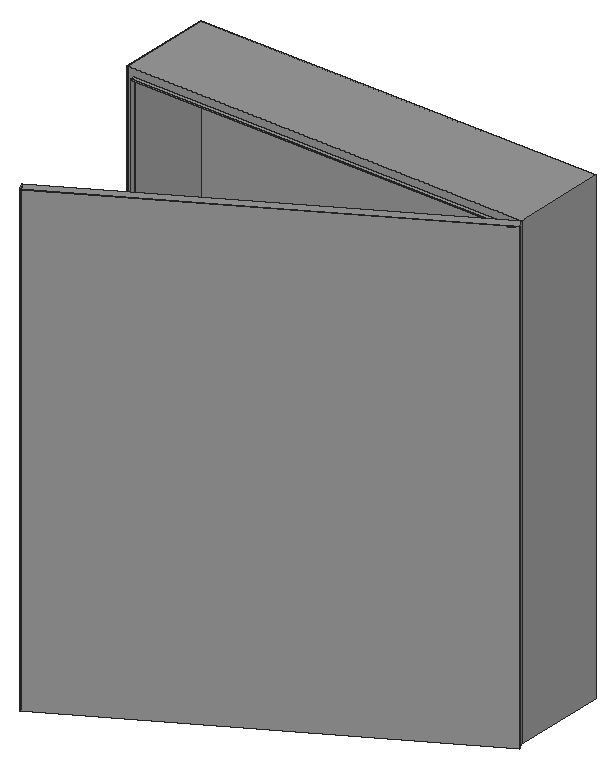
Revit family "Hager-Univers-IP54-D205-H950-Cl.I-Encl-NoHosted-AT-de", category Equipement électrique, Revit 2020
Family settings
  Configuration du panneau = Deux colonnes, circuits au sein
  Cote de connecteur circulaire = Utiliser le diamètre
  Type d'élément = Tableau de raccordement
  Basée sur le plan de construction = Oui
  Toujours verticalement = Oui
  Couper avec des vides une fois chargée = Non
  Partagée = Non
  Point de calcul de pièce = Non
Parameters (values of type "Aufputz IP54 B800 H950 T205  - FP63TW2")
  Width Control [instance] = if([EF000008 - Breite] > Min Width, [EF000008 - Breite], Min Width)  # 800 mm
  Commentaires du type = [HG000003 - Bereich]  # "Univers"
  Thickness Door [instance] = if([EF009171 - Materialstärke Tür/Deckel] > 3 mm, 3 mm, [EF009171 - Materialstärke Tür/Deckel])  # 1 mm
  Seal Frame Offset [instance] = 17 mm  # constant formula
  Plinth Visibility [instance] = [HG000027 - Sockelhöhe] > 0 mm  # no
  Min Width [instance] = 100 mm  # constant formula
  Min Depth [instance] = (2 * [EF009170 - Materialstärke Gehäuse]) + 1 mm  # 3 mm
  Min Height [instance] = 100 mm  # constant formula
  Internal Frame Depth [instance] = (Door System Depth * 0.5)  # 9 mm
  Panel Name [instance] = ""  # (empty or 0)
  Model = ""
  HG000027 - Sockelhöhe = 0 mm
  HG000026 - Stehend auf dem Boden = no
  HG000024 - Höhe des unteren Teils = 600 mm
  HG000023 - Gehäuse mit doppeltem Querschnitt = no
  HG000016 - 3D-Türsichtbarkeit [instance] = yes
  HG000015 - Sichtbarkeit der Türöffnung [instance] = no
  HG000014 - Tür rechts [instance] = yes
  HG000013 - Tür links [instance] = not([HG000014 - Tür rechts])  # no
  HG000012 - Türschwenkwinkel [instance] = 30.00°
  HG000010 - Asymmetrische Türen = no
  HG000009 - Doppelflügeligen Tür = no
  HG000006 - Unterputz = no
  HG000004 - Herstellerreferenz = "FP63TW2"
  HG000003 - Bereich = "Univers"
  HG000002 - Mit tür = yes
  Frame Offset Bottom [instance] = 10 mm  # constant formula
  Frame Offset [instance] = 15 mm  # constant formula
  EF015940 - Deckel mit Überdruckentlastung = no
  EF011959 - Schutzart (NEMA) = ""
  EF009554 - Anzahl der Öffnungen für Flanschplatten = 6
  EF009212 - Ausführung Deckel = "EV000116 - geschlossen"
  EF009171 - Materialstärke Tür/Deckel = 1 mm
  EF009170 - Materialstärke Gehäuse = 1 mm
  EF008873 - Nennstrom (In) = 250 A
  EF007800 - Geeignet für Blitzschutz = no
  EF006306 - Mit Schloss = no
  EF006244 - Transparenter Deckel/Tür = no
  EF005474 - Schutzart (IP) = "EV006419 - IP54"
  EF004464 - Art der Tür = "EV002646 - Einzel"
  EF004427 - Anzahl der Module = 216
  EF004293 - Schlagfestigkeit = "EV006815 - IK09"
  EF003532 - Geeignet für Außengebrauch = no
  EF002950 - Breite in Teilungseinheiten = 36
  EF001613 - Funktionserhalt = "EV000494 - ohne"
  EF001596 - Werkstoff des Gehäuses = "EV000179 - Stahl"
  EF001131 - Innentiefe = 130 mm
  EF001088 - Anbaumöglichkeit = yes
  EF000437 - Anzahl der Leitungseinführungen = 6
  EF000339 - Art der Abdeckung = "EV001012 - Deckel"
  EF000266 - Anzahl der Reihen = 6
  EF000218 - Einbautiefe = 205 mm
  EF000118 - Mit Montageplatte = no
  EF000116 - RAL-Nummer = "9010"
  EF000049 - Tiefe = 205 mm
  EF000040 - Höhe = 950 mm
  EF000008 - Breite = 800 mm
  EF000007 - Farbe = "EV000202 - weiß"
  EF000003 - Montageart = "EV000384 - Aufputz"
  Door System Leaf Tolerance [instance] = 1.5 mm  # constant formula
  Door System Depth [instance] = 18 mm  # constant formula
  Door Height [instance] = Height Control - [HG000027 - Sockelhöhe]  # 950 mm
  Description = ""
  Default Elevation = 1219.2 mm
  Connector Offset [instance] = Height Control / 2  # 475 mm
  Fabricant = "Hager"  # constant formula
  Height Control [instance] = if([EF000040 - Höhe] > Min Height, [EF000040 - Höhe], Min Height)  # 950 mm
  Depth Control [instance] = if([EF000049 - Tiefe] > Min Depth, [EF000049 - Tiefe], Min Depth)  # 205 mm
  Bottom Top Plate Trim [instance] = 1.5 mm  # constant formula
  Plinth height Ctrl [instance] = if([HG000027 - Sockelhöhe] > 0 mm, [HG000027 - Sockelhöhe], 12 mm)  # 12 mm
Types (3, lengths in mm): name | Width Control | HG000004 - Herstellerreferenz | EF009554 - Anzahl der Öffnungen für Flanschplatten | EF004464 - Art der Tür | EF004427 - Anzahl der Module | EF002950 - Breite in Teilungseinheiten | EF000437 - Anzahl der Leitungseinführungen | EF000008 - Breite
  Aufputz IP54 B1300 H950 T205  - FP65TW2 | 1300 | "FP65TW2" | 10 | "EV003602 - Doppel" | 360 | 60 | 10 | 1300
  Aufputz IP54 B300 H950 T205  - FP61TW2 | 300 | "FP61TW2" | 2 | "EV002646 - Einzel" | 72 | 12 | 2 | 300
  Aufputz IP54 B800 H950 T205  - FP63TW2 | 800 | "FP63TW2" | 6 | "EV002646 - Einzel" | 216 | 36 | 6 | 800
Reference planes
  plane 1 "Center (Front/Back)": y = 0
  plane 2: z = 0
  plane 3 "Center (Left/Right)": x = 0
  plane 4: y = 0
  plane 5: y = 0
  plane 6: z = 0
  plane 7: x = -400
  plane 8: x = 400
  plane 9: x = 399
  plane 10: x = -399
  plane 11: z = 0
  plane 12: z = 1
  plane 13: y = -205
  plane 14: y = -1
  plane 15: x = 0
  plane 16: y = -187
  plane 17: y = -204
  plane 18: y = -186
  plane 19: x = -384
  plane 20: x = 384
  plane 21: z = 11
  plane 22: x = -383
  plane 23: x = 383
  plane 24: z = 0
  plane 25: z = 950
  plane 26: z = 950
  plane 27: z = 934
  plane 28: z = 949
Forms (mm)
  Extrusion 1, solid, material "Hager_Steel_RAL7035_Light_Grey", detail levels medium+fine
    sketch origin (-208.679, -4572, 0) x (-1, 0, 0) y (0, -1, 0)
      loop
        line (191.321, -4385) -> (-608.679, -4385) -> (-608.679, -4572) -> (191.321, -4572) -> (191.321, -4385)
    from 0 to 950
  Extrusion 2, void
    sketch origin (-350.771, -205, 1219.2) x (1, 0, 0) y (0, 0, 1)
      loop
        line (-48.229, -270.2) -> (-48.229, -1218.2) -> (749.771, -1218.2) -> (749.771, -270.2) -> (-48.229, -270.2)
    from -19 to -204
  Extrusion 3, void
    sketch origin (-290.084, -187, 1219.2) x (1, 0, 0) y (0, 0, 1)
      loop
        line (-93.916, -1208.2) -> (674.084, -1208.2) -> (674.084, -285.2) -> (-93.916, -285.2) -> (-93.916, -1208.2)
    from 0 to -1
  Extrusion 4, solid, material "Hager_Steel_RAL7035_Light_Grey", visible <- "Plinth Visibility", detail levels medium+fine
    sketch origin (0, 0, 0) x (1, 0, 0) y (0, 1, 0)
      loop
        line (-400, 0) -> (-400, -187) -> (400, -187) -> (400, 0) -> (-400, 0)
    from 0 to 12 <- "Plinth height Ctrl"
  Extrusion 5, solid, material "Hager_Steel_RAL7035_Light_Grey", detail levels coarse
    sketch origin (0, 0, 0) x (1, 0, 0) y (0, 1, 0)
      loop
        line (-400, 0) -> (-400, -205) -> (400, -205) -> (400, 0) -> (-400, 0)
    from 0 to 950 <- "Height Control"
  Sweep 6, void
    path in 3D
      loop
        line (-400, -187, 12) -> (400, -187, 12) -> (400, 0, 12) -> (-400, 0, 12) -> (-400, -187, 12)
    profile origin (-400, -93.5, 12) x (1, 0, 0) y (0, 0, 1)
      loop
        line (0, 0) -> (0, -1.5) -> (1.5, -1.5)
        arc (1.5, -1.5) -> (1.061, -0.439) -> (0, 0) r 1.5
  Extrusion 7, solid, material "Hager_Steel_RAL7035_Light_Grey", detail levels fine
    sketch origin (-400, -187, 0) x (1, 0, 0) y (0, 0, 1)
      loop
        line (16, 11) -> (784, 11) -> (784, 934) -> (16, 934) -> (16, 11)
      loop
        line (15, 10) -> (785, 10) -> (785, 935) -> (15, 935) -> (15, 10)
    from 0 to 9 <- "Internal Frame Depth"
Cuts and joins
  Extrusion 2, Extrusion 3 cuts Extrusion 1
  Sweep 6 cuts Extrusion 4
Lines and regions (mm)
  Masking region 1
    outline origin (0, 0, 0) x (1, 0, 0) y (0, 1, 0)
      loop
        line (-400, 0) -> (-400, -205) -> (400, -205) -> (400, 0) -> (-400, 0)
  Masking region 2, detail levels coarse
    outline origin (-290.084, -187, 1219.2) x (-1, 0, 0) y (0, 0, 1)
      loop
        line (-690.084, -1219.2) -> (109.916, -1219.2) -> (109.916, -269.2) -> (-690.084, -269.2) -> (-690.084, -1219.2)
  Masking region 3, detail levels coarse
    outline origin (0, 0, 0) x (0, 1, 0) y (0, 0, 1)
      loop
        line (0, 0) -> (0, 950) -> (-205, 950) -> (-205, 0) -> (0, 0)
  Masking region 4, visible <- "Plinth Visibility", detail levels medium+fine
    outline origin (0, 0, 0) x (0, 1, 0) y (0, 0, 1)
      loop
        line (-1.5, 12) -> (-185.5, 12)
        arc (-185.5, 12) -> (-185.939, 10.939) -> (-187, 10.5) r 1.5
        line (-187, 10.5) -> (-187, 0) -> (0, 0) -> (0, 10.5)
        arc (0, 10.5) -> (-1.061, 10.939) -> (-1.5, 12) r 1.5
  Masking region 5, detail levels medium+fine
    outline origin (0, 0, 594.038) x (0, 1, 0) y (0, 0, 1)
      loop
        line (0, -594.038) -> (0, 355.962) -> (-187, 355.962) -> (-187, -594.038) -> (0, -594.038)
  Masking region 6, detail levels medium+fine
    outline origin (-359.7, -187, 1211.883) x (-1, 0, 0) y (0, 0, 1)
      loop
        line (-759.7, -1211.883) -> (40.3, -1211.883) -> (40.3, -261.883) -> (-759.7, -261.883) -> (-759.7, -1211.883)
  Masking region 7, visible <- "Plinth Visibility", detail levels medium+fine
    outline origin (-320.334, -187, 1041.368) x (-1, 0, 0) y (0, 0, 1)
      loop
        line (-720.334, -1041.368) -> (79.666, -1041.368) -> (79.666, -1030.868)
        arc (79.666, -1030.868) -> (78.606, -1030.429) -> (78.166, -1029.368) r 1.5
        line (78.166, -1029.368) -> (-718.834, -1029.368)
        arc (-718.834, -1029.368) -> (-719.273, -1030.429) -> (-720.334, -1030.868) r 1.5
        line (-720.334, -1030.868) -> (-720.334, -1041.368)
  sketch lines
    curve 1: line (-400, 0, 12) -> (-400, -187, 12)
    curve 2: line (-400, -187, 12) -> (400, -187, 12)
    curve 3: line (400, 0, 12) -> (-400, 0, 12)
    curve 4: line (400, -187, 12) -> (400, 0, 12)
Dimensions and locks
  locked: plane 1 "Center (Front/Back)" to plane 5
  "EF009170 - Materialstärke Gehäuse": plane 7 to plane 10
  "EF009170 - Materialstärke Gehäuse": plane 8 to plane 9
  equal spacing: plane 7, plane 3 "Center (Left/Right)", plane 8
  "Width Control": plane 7 to plane 8
  "Depth Control": plane 4 to plane 13
  "EF009170 - Materialstärke Gehäuse": plane 4 to plane 14
  "Height Control": plane 25 to level
  "HG000027 - Sockelhöhe": plane 11 to level
  "EF009170 - Materialstärke Gehäuse": plane 12 to plane 11
  "EF009170 - Materialstärke Gehäuse": plane 17 to plane 13
  "EF009170 - Materialstärke Gehäuse": plane 18 to plane 16
  "Frame Offset Bottom": plane 21 to plane 12
  "Frame Offset": plane 10 to plane 19
  "Frame Offset": plane 9 to plane 20
  "Door System Depth": plane 16 to plane 13
  "Seal Frame Offset": plane 7 to plane 22
  "Seal Frame Offset": plane 8 to plane 23
  "EF009170 - Materialstärke Gehäuse": plane 26 to plane 28
  "Frame Offset": plane 28 to plane 27
  "Connector Offset": plane 2 to connector elem
  "Bottom Top Plate Trim": profile plane to Sweep 6 sketch curve
  "Bottom Top Plate Trim": Sweep 6 sketch curve to Sweep 6 sketch curve
  "Plinth height Ctrl": Masking region 4 sketch curve to level
  "Plinth height Ctrl": Masking region 7 sketch curve to level
  "Thickness Door": Extrusion 7 sketch curve to Extrusion 7 sketch curve  (x4)
  "Bottom Top Plate Trim": radius of Sweep 6 sketch curve
  "Bottom Top Plate Trim": radius of Masking region 4 sketch curve  (x2)
  "Bottom Top Plate Trim": radius of Masking region 7 sketch curve  (x2)
  aligned and locked: Extrusion 2 sketch curve to plane 12
  aligned and locked: Extrusion 2 sketch curve to plane 9
  aligned and locked: Extrusion 2 sketch curve to plane 10
  aligned and locked: Extrusion 2 to plane 14
  aligned and locked: Extrusion 1 sketch curve to plane 4
  aligned and locked: plane 8 to Extrusion 1 sketch curve
  aligned and locked: plane 7 to Extrusion 1 sketch curve
  aligned and locked: Extrusion 2 to plane 18
  aligned and locked: Extrusion 3 sketch curve to plane 19
  aligned and locked: plane 20 to Extrusion 3 sketch curve
  aligned and locked: Extrusion 3 to Extrusion 2
  aligned and locked: Extrusion 3 sketch curve to plane 21
  aligned and locked: plane 3 "Center (Left/Right)" to nested 1
  aligned and locked: Extrusion 1 sketch curve to plane 16
  aligned and locked: Extrusion 4 sketch curve to cut or joined group of Extrusion 1, Extrusion 2, Extrusion 3
  aligned and locked: Masking region 1 sketch curve to plane 7
  aligned and locked: Masking region 1 sketch curve to plane 5
  aligned and locked: Masking region 1 sketch curve to plane 8
  aligned and locked: Masking region 2 sketch curve to level
  aligned and locked: level to Masking region 3 sketch curve
  aligned and locked: plane 1 "Center (Front/Back)" to Masking region 3 sketch curve
  aligned and locked: plane 13 to Masking region 3 sketch curve
  aligned and locked: plane 5 to Masking region 4 sketch curve
  aligned and locked: Masking region 2 sketch curve to plane 8
  aligned and locked: Masking region 2 sketch curve to plane 7
  aligned and locked: plane 7 to nested 2
  aligned and locked: nested 2 to plane 5
  aligned and locked: plane 5 to Masking region 5 sketch curve
  aligned and locked: plane 26 to Masking region 5 sketch curve
  aligned and locked: Extrusion 5 sketch curve to plane 8
  aligned and locked: Extrusion 5 sketch curve to plane 7
  aligned and locked: Extrusion 5 sketch curve to plane 5
  aligned and locked: Extrusion 3 sketch curve to plane 27
  aligned and locked: Extrusion 2 sketch curve to plane 28
  aligned and locked: Masking region 2 to plane 25
  aligned and locked: Extrusion 4 to plane 16
  aligned and locked: profile plane to Sweep 6 sketch curve
  aligned and locked: Masking region 5 sketch curve to plane 24
  aligned and locked: level to Masking region 4 sketch curve
  aligned and locked: Masking region 1 to plane 13
  aligned and locked: nested 1 to plane 16
  aligned and locked: Masking region 3 to plane 25
  aligned and locked: plane 16 to Masking region 4 sketch curve
  aligned and locked: Masking region 5 sketch curve to plane 16
  aligned and locked: plane 24 to plane 11
  aligned and locked: plane 26 to plane 25
  aligned and locked: plane 26 to cut or joined group of Extrusion 1, Extrusion 2, Extrusion 3
  aligned and locked: nested 1 to plane 24
  aligned and locked: Extrusion 1 to Extrusion 3
  aligned and locked: Masking region 6 sketch curve to plane 8
  aligned and locked: Masking region 6 sketch curve to plane 24
  aligned and locked: Masking region 6 sketch curve to plane 7
  aligned and locked: Masking region 6 sketch curve to plane 26
  aligned and locked: Masking region 7 sketch curve to plane 7
  aligned and locked: level to Masking region 7 sketch curve
  aligned and locked: Masking region 7 sketch curve to plane 8
  aligned and locked: Extrusion 7 sketch curve to cut or joined group of Extrusion 1, Extrusion 2, Extrusion 3  (x4)
Automatic sketch dimensions
  plane 19 to Extrusion 3 sketch curve = 0 mm
  Extrusion 3 sketch curve to plane 20 = 0 mm
  Extrusion 3 sketch curve to plane 21 = 0 mm
  Extrusion 4 sketch curve to plane 7 = 0 mm
  Extrusion 4 sketch curve to plane 8 = 0 mm
  Extrusion 4 sketch curve to plane 16 = 0 mm
  Masking region 1 sketch curve to plane 13 = 0 mm
  Masking region 2 sketch curve to plane 25 = 0 mm
  Masking region 3 sketch curve to plane 25 = 0 mm
  Extrusion 5 sketch curve to plane 13 = 0 mm
  profile plane to Sweep 6 sketch curve = 0 mm
Nested families
  nested 1: "EC000058_Univers_Door" at (0, -187, 0), Double <- "HG000009 - Doppelflügeligen Tür", Transparent <- "EF006244 - Transparenter Deckel/Tür", Angle <- "HG000012 - Türschwenkwinkel", Door_Right <- "HG000014 - Tür rechts", Assymetrical <- "HG000010 - Asymmetrische Türen", Door <- "HG000002 - Mit tür", Width_Ctrl <- "Width Control", 3d_Door <- "HG000016 - 3D-Türsichtbarkeit", Clearance <- "HG000015 - Sichtbarkeit der Türöffnung", Door_Left <- "HG000013 - Tür links", Width <- "Width Control", Door_Depth <- "Door System Depth", Leaf_Tolerance <- "Door System Leaf Tolerance", Height <- "Door Height", Lock_Visibility <- "EF006306 - Mit Schloss", Thickness <- "Thickness Door", type "EC000058_Univers_Door", detail levels medium+fine
    with min_wh 3 mm, Width_Ctrl 800 mm, Width 800 mm, Transparent no, Thickness 1 mm, Seal_Material Hager_Rubber, Lock_Visibility no, Lock_Material Hager_Plastic_RAL9005_Jet_Black, Leaf_Width 800 mm, Leaf_Tolerance_External_Sides 0 mm, Leaf_Tolerance 1.5 mm, Leaf_Offset 0 mm, Leaf_Height 947 mm, Leaf_2_Width 800 mm, Leaf_2_Offset 400 mm, Leaf_1_Width 800 mm, Leaf_1_Offset 400 mm, Height_Ctrl 950 mm, Height 950 mm, Glass_Material Hager_Glass, Double_Clearance_Ctrl no, Double no, Door_Right_Ctrl yes, Door_Right yes, Door_Material Hager_Steel_RAL7035_Light_Grey, Door_Left_Ctrl no, Door_Left no, Door_Depth 18 mm, Door yes, Clearance_Material Hager_Clearance, Clearance_Depth 800 mm, Clearance_Ctrl no, Clearance no, Assymetrical no, Angle 30.00°, 3d_Door yes
  nested 2: "Hager_Enclosure_Symbol" at (-400, 0, 0), Height <- "Depth Control", Width <- "Width Control", type "Hager_Enclosure_Symbol"
    with Width_Ctrl 800 mm, Width 800 mm, Height_Ctrl 205 mm, Height 205 mm, A_Width_Int 13.453 mm, A_Width 161.438 mm, A_Height_Ctrl 179.375 mm, A_Height 179.375 mm
Connectors
  electrical at (0, 0, 475)
    settings: on plane 1 "Center (Front/Back)", index 1, voltage 0 V, apparent load 0 VA, apparent load phase1 0 VA, apparent load phase2 0 VA, apparent load phase3 0 VA, power factor 1, load classification "Other", number of poles 1, system type 30, power factor state 1, is connector primary yes, connector utility no, sub classification motor no, connector description ""
Definition of nested family "EC000058_Univers_Door"
  Parameters (values of type "EC000058_Univers_Door")
    min_wh [instance] = (2 * Thickness) + 1 mm  # 11 mm
    Width_Ctrl [instance] = 400 mm
    Width [instance] = 500 mm
    Transparent [instance] = yes
    Thickness [instance] = 5 mm
    Seal_Material [instance] = none
    Lock_Visibility [instance] = yes
    Lock_Material [instance] = none
    Leaf_Width [instance] = if((Width_Ctrl - 2 * Leaf_Tolerance_External_Sides) > 0 mm, (Width_Ctrl - 2 * Leaf_Tolerance_External_Sides), min_wh)  # 400 mm
    Leaf_Tolerance_External_Sides [instance] = 0 mm  # constant formula
    Leaf_Tolerance [instance] = 1.5 mm
    Leaf_Offset [instance] = 0 mm  # constant formula
    Leaf_Height [instance] = if((Height_Ctrl - 2 * Leaf_Tolerance) > 0 mm, (Height_Ctrl - 2 * Leaf_Tolerance), min_wh)  # 497 mm
    Leaf_2_Width [instance] = if(and(and(Double, Assymetrical), Door_Left), (Leaf_Width / 3) - (Leaf_Tolerance / 2), if(and(and(Double, Assymetrical), Door_Right), (Leaf_Width / 3) * 2 - (Leaf_Tolerance / 2), if(and(Double, not(Assymetrical)), (Leaf_Width / 2) - Leaf_Tolerance, Leaf_Width)))  # 400 mm
    Leaf_2_Offset [instance] = if(and(Double, Assymetrical), Leaf_2_Width / 2, if(and(Double, not(Assymetrical)), Leaf_Width / 4, Leaf_Width / 2))  # 200 mm
    Leaf_1_Width [instance] = if(and(and(Double, Assymetrical), Door_Right), (Leaf_Width / 3) - (Leaf_Tolerance / 2), if(and(and(Double, Assymetrical), Door_Left), (Width / 3) * 2 - (Leaf_Tolerance / 2), if(and(Double, not(Assymetrical)), (Leaf_Width / 2) - Leaf_Tolerance, Leaf_Width)))  # 400 mm
    Leaf_1_Offset [instance] = if(and(Double, Assymetrical), Leaf_1_Width / 2, if(and(Double, not(Assymetrical)), Leaf_Width / 4, Leaf_Width / 2))  # 200 mm
    Height_Ctrl [instance] = if(Height > min_wh, Height, min_wh)  # 500 mm
    Height [instance] = 500 mm
    Glass_Material [instance] = none
    Double_Clearance_Ctrl [instance] = and(Double, Clearance)  # no
    Double [instance] = no
    Door_Right_Ctrl [instance] = and(or(Door_Right, Double), Door)  # yes
    Door_Right [instance] = yes
    Door_Material [instance] = none
    Door_Left_Ctrl [instance] = and(or(Door_Left, Double), Door)  # no
    Door_Left [instance] = no
    Door_Depth [instance] = 30 mm
    Door [instance] = yes
    Default Elevation = 1219.2 mm
    Clearance_Material [instance] = none
    Clearance_Depth [instance] = if(Leaf_1_Width > Leaf_2_Width, Leaf_1_Width, Leaf_2_Width)  # 400 mm
    Clearance_Ctrl [instance] = and(not(Double), Clearance)  # yes
    Clearance [instance] = yes
    Assymetrical [instance] = yes
    Angle [instance] = 30.00°
    3d_Door [instance] = yes
  Reference planes
    plane 1 "Center (Front/Back)": y = 0
    plane 2 "Bottom": z = 0
    plane 3 "Center (Left/Right)": x = 0
    plane 4: z = 500
    plane 5: x = -200
    plane 6: x = 200
    plane 7: z = 500
    plane 8: x = -200
    plane 9: z = 0
    plane 10: x = 200
    plane 11: y = 0
    plane 12: z = 1.5
    plane 13: x = -600
    plane 14: y = -400
    plane 15: x = 600
    plane 16: x = 0
    plane 17: x = 0
    plane 18: x = -200
    plane 19: x = 200
    plane 20: z = 498.5
  Forms (mm)
    Extrusion 1, solid, material <- "Clearance_Material", visible <- "Double_Clearance_Ctrl"
      sketch origin (1200, 0, 0) x (1, 0, 0) y (0, 0, -1)
        loop
          line (-1800, -498.5) -> (-600, -498.5) -> (-600, 0) -> (-1800, 0) -> (-1800, -498.5)
      from 0 to -400
  Dimensions and locks
    equal spacing: plane 5, plane 3 "Center (Left/Right)", plane 6
    "Width_Ctrl": plane 5 to plane 6
    "Leaf_Offset": plane 5 to plane 8
    "Leaf_Offset": plane 6 to plane 10
    "Leaf_Offset": plane 9 to level
    "Leaf_Offset": plane 4 to plane 7
    "Height_Ctrl": plane 4 to level
    "Leaf_Tolerance": plane 12 to plane 9
    locked: plane 11 to plane 1 "Center (Front/Back)"
    "Leaf_1_Offset": plane 18 to plane 16
    "Leaf_2_Offset": plane 17 to plane 19
    "Leaf_1_Width": plane 13 to plane 8
    "Leaf_2_Width": plane 10 to plane 15
    "Clearance_Depth": plane 14 to plane 1 "Center (Front/Back)"
    "Leaf_Tolerance_External_Sides": plane 8 to plane 18
    "Leaf_Tolerance_External_Sides": plane 19 to plane 10
    "Leaf_Tolerance": plane 7 to plane 20
    aligned and locked: level to plane 2 "Bottom"
    aligned and locked: nested 1 to plane 16
    aligned and locked: nested 2 to plane 17
    aligned and locked: Extrusion 1 to plane 13
    aligned and locked: plane 15 to Extrusion 1
    aligned and locked: Extrusion 1 to plane 14
    aligned and locked: plane 12 to nested 1
    aligned and locked: nested 2 to plane 12
    aligned and locked: Extrusion 1 to plane 11
    aligned and locked: plane 20 to Extrusion 1
    aligned and locked: nested 2 to plane 11
    aligned and locked: nested 1 to plane 11
  Automatic sketch dimensions
    Extrusion 1 sketch curve to level = 0 mm
    plane 5 to Extrusion 1 sketch curve = 400 mm
    plane 6 to Extrusion 1 sketch curve = 400 mm
    Extrusion 1 sketch curve to plane 4 = 1.5 mm
  Nested families
    nested 1: "EC000058_Univers_Door_Leaf" at (0, 0, 1.5), Width <- "Leaf_1_Width", visible <- "Door_Left_Ctrl", Leaf_Height <- "Leaf_Height", Angle <- "Angle", 3d_Door <- "3d_Door", Transparent <- "Transparent", Clearance Material <- "Clearance_Material", Clearance <- "Clearance_Ctrl", Door_Material <- "Door_Material", Glass_Material <- "Glass_Material", Door_Depth <- "Door_Depth", Lock_Material <- "Lock_Material", Seal_Material <- "Seal_Material", Lock_Visibility <- "Lock_Visibility", Thickness <- "Thickness", type "EC000058_Univers_Door_Leaf"
      with Width 400 mm, Transparent_Glass_Offset 30 mm, Transparent_Ctrl yes, Transparent yes, Thickness 5 mm, Standard no, Seal_Material none, Seal_D2 8 mm, Seal_D1 1 mm, Offset_Internal_Frame 10 mm, Lock_Width 20 mm, Lock_Visibility_3d yes, Lock_Visibility yes, Lock_Thickness_3 3 mm, Lock_Thickness_2 1 mm, Lock_Thickness_1 3 mm, Lock_Radius_Offset_2 16 mm, Lock_Radius_Offset_1 15 mm, Lock_Radius_2 5 mm, Lock_Radius 6 mm, Lock_Offset 5 mm, Lock_Material none, Lock_Height 80 mm, Lock_Cover_Top_Offset_2d 17 mm, Lock_Cover_Height -65 mm, Leaf_Height 497 mm, Internal_Seal_Thickness 8 mm, Internal_Seal_Depth_2 4.5 mm, Internal_Frame_Depth 25 mm, Glass_Thickness -1 mm, Glass_Offset -2 mm, Glass_Material none, Door_Material none, Door_Depth 30 mm, Clearance Material none, Clearance yes, Angle_Ctrl 30.00°, Angle 30.00°, 3d_Door yes
    nested 2: "EC000058_Univers_Door_Leaf" at (0, 0, 1.5) x (-1, 0, 0) z (0, 0, 1), Width <- "Leaf_2_Width", visible <- "Door_Right_Ctrl", Leaf_Height <- "Leaf_Height", Angle <- "Angle", 3d_Door <- "3d_Door", Transparent <- "Transparent", Clearance Material <- "Clearance_Material", Clearance <- "Clearance_Ctrl", Door_Material <- "Door_Material", Glass_Material <- "Glass_Material", Door_Depth <- "Door_Depth", Lock_Material <- "Lock_Material", Seal_Material <- "Seal_Material", Lock_Visibility <- "Lock_Visibility", Thickness <- "Thickness", type "EC000058_Univers_Door_Leaf"
      with Width 400 mm, Transparent_Glass_Offset 30 mm, Transparent_Ctrl yes, Transparent yes, Thickness 5 mm, Standard no, Seal_Material none, Seal_D2 8 mm, Seal_D1 1 mm, Offset_Internal_Frame 10 mm, Lock_Width 20 mm, Lock_Visibility_3d yes, Lock_Visibility yes, Lock_Thickness_3 3 mm, Lock_Thickness_2 1 mm, Lock_Thickness_1 3 mm, Lock_Radius_Offset_2 16 mm, Lock_Radius_Offset_1 15 mm, Lock_Radius_2 5 mm, Lock_Radius 6 mm, Lock_Offset 5 mm, Lock_Material none, Lock_Height 80 mm, Lock_Cover_Top_Offset_2d 17 mm, Lock_Cover_Height -65 mm, Leaf_Height 497 mm, Internal_Seal_Thickness 8 mm, Internal_Seal_Depth_2 4.5 mm, Internal_Frame_Depth 25 mm, Glass_Thickness -1 mm, Glass_Offset -2 mm, Glass_Material none, Door_Material none, Door_Depth 30 mm, Clearance Material none, Clearance yes, Angle_Ctrl 30.00°, Angle 30.00°, 3d_Door yes
  Definition of nested family "EC000058_Univers_Door_Leaf"
    Parameters (values of type "EC000058_Univers_Door_Leaf")
      Width [instance] = 2000 mm
      Transparent_Glass_Offset [instance] = 30 mm
      Transparent_Ctrl [instance] = and(Transparent, [3d_Door])  # yes
      Transparent [instance] = yes
      Thickness [instance] = 5 mm
      Standard [instance] = and(not(Transparent), [3d_Door])  # no
      Seal_Material [instance] = none
      Seal_D2 [instance] = 8 mm  # constant formula
      Seal_D1 [instance] = 1 mm  # constant formula
      Offset_Internal_Frame [instance] = 10 mm  # constant formula
      Lock_Width [instance] = 20 mm  # constant formula
      Lock_Visibility_3d [instance] = and(Lock_Visibility, [3d_Door])  # yes
      Lock_Visibility [instance] = yes
      Lock_Thickness_3 [instance] = 3 mm  # constant formula
      Lock_Thickness_2 [instance] = 1 mm  # constant formula
      Lock_Thickness_1 [instance] = 3 mm  # constant formula
      Lock_Radius_Offset_2 [instance] = Lock_Radius_Offset_1 + 1 mm  # 16 mm
      Lock_Radius_Offset_1 [instance] = 15 mm  # constant formula
      Lock_Radius_2 [instance] = Lock_Radius - 1 mm  # 5 mm
      Lock_Radius [instance] = 6 mm  # constant formula
      Lock_Offset [instance] = 5 mm  # constant formula
      Lock_Material [instance] = none
      Lock_Height [instance] = 80 mm  # constant formula
      Lock_Cover_Top_Offset_2d [instance] = Lock_Radius_Offset_2 + 1 mm  # 17 mm
      Lock_Cover_Height [instance] = -(Lock_Height - Lock_Radius_Offset_1)  # -65 mm
      Leaf_Height [instance] = 2720.336 mm
      Internal_Seal_Thickness [instance] = 8 mm  # constant formula
      Internal_Seal_Depth_2 [instance] = 4.5 mm  # constant formula
      Internal_Frame_Depth [instance] = if(Door_Depth - Thickness > 5 mm, Door_Depth - Thickness, 5 mm)  # 25 mm
      Glass_Thickness [instance] = if(Thickness > 15 mm, Glass_Offset + 10 mm, -1 mm)  # -1 mm
      Glass_Offset [instance] = if(Thickness > 15 mm, -(Thickness + 10 mm) / 2, -2 mm)  # -2 mm
      Glass_Material [instance] = none
      Door_Material [instance] = none
      Door_Depth [instance] = 30 mm
      Default Elevation = 0 mm
      Clearance Material [instance] = none
      Clearance [instance] = yes
      Angle_Ctrl [instance] = if(Angle > 180.00°, 180.00°, Angle)  # 90.00°
      Angle [instance] = 90.00°
      3d_Door [instance] = yes
    Reference planes
      plane 1 "Center (Front/Back)": y = 0
      plane 2: z = 0
      plane 3 "Center (Left/Right)": x = 0
      plane 4: y = 2000
      plane 5: x = -1000
      plane 6: x = 1000
      plane 7: x = -3000
      plane 8: z = 2720.336
      plane 9: z = 30
      plane 10: z = 2690.336
      plane 11: x = 970
      plane 12: x = -970
      plane 13: y = -3
      plane 14: z = 107.833
      plane 15: y = -5
      plane 16: y = -223.314
      plane 17: x = -1000
      plane 18: z = 1360.168
      plane 19: y = 30
    Forms (mm)
      Extrusion 1, solid, material <- "Clearance Material", visible <- "Clearance"
        sketch origin (0, 0, 0) x (1, 0, 0) y (0, 0, 1)
          loop
            line (-3000, 2720.336) -> (-3000, 0) -> (1000, 0) -> (1000, 2720.336) -> (-3000, 2720.336)
        from 0 to -2000
      Extrusion 2, solid, material <- "Door_Material", visible <- "Standard", detail levels medium+fine
        sketch origin (-1000, 0, 0) x (0, 1, 0) y (-1, 0, 0)
          loop
            line (0, 30) -> (0, 25) -> (2000, 25) -> (2000, 30) -> (0, 30)
        from 0 to 2720.336 <- "Leaf_Height"
      Extrusion 3, solid, material <- "Door_Material", visible <- "Transparent_Ctrl", detail levels medium+fine
        sketch origin (-1000, 0, 0) x (0, 1, 0) y (-1, 0, 0)
          loop
            line (0, 25) -> (2000, 25) -> (2000, 30) -> (0, 30) -> (0, 25)
        from 0 to 2720.336 <- "Leaf_Height"
      Extrusion 4, void
        sketch origin (-1025, 2000, 0) x (0, 1, 0) y (0, 0, -1)
          loop
            line (-30, -2690.336) -> (-30, -30) -> (-1970, -30) -> (-1970, -2690.336) -> (-30, -2690.336)
        from 0 to 5 <- "Thickness"
      Sweep 5, solid, material <- "Seal_Material", visible <- "Transparent_Ctrl", detail levels fine
        path in 3D
          loop
            line (-1025, 30, 30) -> (-1025, 30, 2690.336) -> (-1025, 1970, 2690.336) -> (-1025, 1970, 30) -> (-1025, 30, 30)
        profile origin (-1025, 1000, 30) x (1, 0, 0) y (0, 0, 1)
          loop
            line (0, 0) -> (0, -8) -> (1, -8) -> (1, 0) -> (0, 0)
      Extrusion 6, solid, material <- "Glass_Material", visible <- "Transparent_Ctrl", detail levels medium+fine
        sketch origin (-1030, 0, 0) x (0, 1, 0) y (0, 0, -1)
          loop
            line (1970, -2690.336) -> (1970, -30) -> (30, -30) -> (30, -2690.336) -> (1970, -2690.336)
        from -2 <- "Glass_Offset" to -1 <- "Glass_Thickness"
      Extrusion 7, solid, material <- "Door_Material", visible <- "3d_Door", detail levels medium+fine
        sketch origin (-1025, 2000, 0) x (0, -1, 0) y (0, 0, -1)
          loop
            line (0, -2720.336) -> (2000, -2720.336) -> (2000, 0) -> (0, 0) -> (0, -2720.336)
          loop
            line (1995, -5) -> (5, -5) -> (5, -2715.336) -> (1995, -2715.336) -> (1995, -5)
        from 0 to 25 <- "Internal_Frame_Depth"
      Sweep 8, solid, material <- "Seal_Material", visible <- "Transparent_Ctrl", detail levels fine
        path in 3D
          loop
            line (-1025, 0, 0) -> (-1025, 2000, 0) -> (-1025, 2000, 2720.336) -> (-1025, 0, 2720.336) -> (-1025, 0, 0)
        profile origin (-1025, 0, 1360.168) x (1, 0, 0) y (0, 1, 0)
          loop
            line (0, 10) -> (2.975, 10)
            arc (2.975, 10) -> (4.053, 10.447) -> (4.5, 11.525) r 1.525
            line (4.5, 11.525) -> (4.5, 16.527)
            arc (4.5, 16.527) -> (4.069, 17.569) -> (3.027, 18) r 1.473
            line (3.027, 18) -> (0, 18) -> (0, 10)
      Extrusion 9, solid, material <- "Lock_Material", visible <- "Lock_Visibility_3d", detail levels fine
        sketch origin (-1030, 0, 0) x (0, 1, 0) y (0, 0, -1)
          loop
            arc (1993.5, -1400.168) -> (1994.561, -1399.729) -> (1995, -1398.668) r 1.5
            line (1995, -1398.668) -> (1995, -1320.168) -> (1975, -1320.168) -> (1975, -1398.668)
            arc (1975, -1398.668) -> (1975.439, -1399.729) -> (1976.5, -1400.168) r 1.5
            line (1976.5, -1400.168) -> (1993.5, -1400.168)
        from 3 <- "Lock_Thickness_1" to 0
      Blend 10, solid, material <- "Lock_Material", visible <- "Lock_Visibility_3d", detail levels fine
        base sketch origin (-1033, 0, 0) x (0, 1, 0) y (0, 0, -1)
          loop
            line (1975, -1320.168) -> (1975, -1398.668)
            arc (1975, -1398.668) -> (1975.439, -1399.729) -> (1976.5, -1400.168) r 1.5
            line (1976.5, -1400.168) -> (1993.5, -1400.168)
            arc (1993.5, -1400.168) -> (1994.561, -1399.729) -> (1995, -1398.668) r 1.5
            line (1995, -1398.668) -> (1995, -1320.168) -> (1975, -1320.168)
        top sketch origin (-1033, 0, 0) x (0, 1, 0) y (0, 0, -1)
          loop
            line (1976, -1320.168) -> (1976, -1398.668)
            arc (1976, -1398.668) -> (1976.146, -1399.022) -> (1976.5, -1399.168) r 0.5
            line (1976.5, -1399.168) -> (1993.5, -1399.168)
            arc (1993.5, -1399.168) -> (1993.854, -1399.022) -> (1994, -1398.668) r 0.5
            line (1994, -1398.668) -> (1994, -1320.168) -> (1976, -1320.168)
        from 0 to 1 <- "Lock_Thickness_2"
      Blend 11, solid, material <- "Lock_Material", visible <- "Lock_Visibility_3d", detail levels fine
        base sketch origin (-1034, 0, 0) x (0, 1, 0) y (0, 0, -1)
          loop
            line (1978, -1320.168) -> (1978, -1384.168)
            arc (1978, -1384.168) -> (1985, -1391.168) -> (1992, -1384.168) r 7
            line (1992, -1384.168) -> (1992, -1320.168) -> (1978, -1320.168)
        top sketch origin (-1034, 0, 0) x (0, 1, 0) y (0, 0, -1)
          loop
            line (1991, -1320.168) -> (1979, -1320.168) -> (1979, -1383.168)
            arc (1979, -1383.168) -> (1985, -1389.168) -> (1991, -1383.168) r 6
            line (1991, -1383.168) -> (1991, -1320.168)
        from 0 to 3 <- "Lock_Thickness_3"
      Extrusion 12, solid, material <- "Lock_Material", visible <- "Lock_Visibility_3d", detail levels fine
        sketch origin (-1030, 1975, 1320.168) x (1, 0, 0) y (0, -1, 0)
          loop
            line (-7, -19) -> (-7, -1) -> (0, -1) -> (0, 0) -> (-8, 0) -> (-8, -20) -> (0, -20) -> (0, -19) -> (-7, -19)
        from 0 to -65 <- "Lock_Cover_Height"
      Extrusion 13, void
        sketch origin (-1038, 1995, 1320.168) x (-1, 0, 0) y (0, 0, -1)
          loop
            line (-5, -65) -> (0, -65) -> (-5, -60) -> (-5, -65)
        from 0 to 20 <- "Lock_Width"
      Extrusion 14, void
        sketch origin (-1038, 1975, 1320.168) x (0, -1, 0) y (0, 0, -1)
          loop
            circle (-10, -15.995) r 6
          loop
            circle (-10, -15.995) r 5
        from 0 to 2
      Extrusion 15, solid, material <- "Lock_Material", visible <- "Lock_Visibility_3d", detail levels medium
        sketch origin (-1030, 0, 0) x (0, 1, 0) y (0, 0, -1)
          loop
            arc (1993.5, -1400.168) -> (1994.561, -1399.729) -> (1995, -1398.668) r 1.5
            line (1995, -1398.668) -> (1995, -1320.168) -> (1975, -1320.168) -> (1975, -1398.668)
            arc (1975, -1398.668) -> (1975.439, -1399.729) -> (1976.5, -1400.168) r 1.5
            line (1976.5, -1400.168) -> (1993.5, -1400.168)
        from 8 to 0
    Cuts and joins
      Extrusion 4 cuts Extrusion 3
      Extrusion 13, Extrusion 14 cuts Extrusion 9
      Extrusion 14 cuts Blend 11
      Extrusion 13, Extrusion 14 cuts Extrusion 12
      joined: Extrusion 9, Blend 10, Blend 11, Extrusion 12
      Extrusion 14 cuts Extrusion 15
    Lines and regions (mm)
      Masking region 1, visible <- "Lock_Visibility", detail levels fine
        outline origin (0, 0, 0) x (0, 1, 0) y (0, 0, 1)
          loop
            line (30, 1320.168) -> (33, 1320.168) -> (33, 1400.168) -> (30, 1400.168) -> (30, 1320.168)
      Masking region 2, visible <- "Lock_Visibility", detail levels fine
        outline origin (0, 3.143, 0) x (0, 1, 0) y (0, 0, 1)
          loop
            line (29.857, 1354.168) -> (30.857, 1354.168) -> (30.857, 1366.168) -> (29.857, 1366.168) -> (29.857, 1354.168)
      Masking region 3, detail levels medium+fine
        outline origin (0, 0, 0) x (0, 1, 0) y (0, 0, 1)
          loop
            line (0, 0) -> (30, 0) -> (30, 2720.336) -> (0, 2720.336) -> (0, 0)
      Masking region 4, detail levels medium+fine
        outline origin (0, 0, 0) x (1, 0, 0) y (0, 0, 1)
          loop
            line (-1000, 2720.336) -> (-1000, 0) -> (1000, 0) -> (1000, 2720.336) -> (-1000, 2720.336)
      Masking region 5, visible <- "Lock_Visibility", detail levels fine
        outline origin (-47.116, 0, 0) x (1, 0, 0) y (0, 0, 1)
          loop
            arc (1024.616, 1399.168) -> (1023.556, 1398.729) -> (1023.116, 1397.668) r 1.5
            line (1023.116, 1397.668) -> (1023.116, 1320.168) -> (1041.116, 1320.168) -> (1041.116, 1397.668)
            arc (1041.116, 1397.668) -> (1040.677, 1398.729) -> (1039.616, 1399.168) r 1.5
            line (1039.616, 1399.168) -> (1024.616, 1399.168)
      Masking region 6, visible <- "Lock_Visibility", detail levels medium+fine
        outline origin (-25, 0, 0) x (1, 0, 0) y (0, 0, 1)
          loop
            arc (1001.5, 1400.168) -> (1000.439, 1399.729) -> (1000, 1398.668) r 1.5
            line (1000, 1398.668) -> (1000, 1320.168) -> (1020, 1320.168) -> (1020, 1398.668)
            arc (1020, 1398.668) -> (1019.561, 1399.729) -> (1018.5, 1400.168) r 1.5
            line (1018.5, 1400.168) -> (1001.5, 1400.168)
      Masking region 7, visible <- "Lock_Visibility", detail levels fine
        outline origin (-73.735, 0, 0) x (1, 0, 0) y (0, 0, 1)
          loop
            line (1051.735, 1382.168) -> (1065.735, 1382.168) -> (1065.735, 1384.168)
            arc (1065.735, 1384.168) -> (1058.735, 1391.168) -> (1051.735, 1384.168) r 7
            line (1051.735, 1384.168) -> (1051.735, 1382.168)
      Masking region 8, visible <- "Lock_Visibility", detail levels fine
        outline origin (-73.735, 0, 0) x (1, 0, 0) y (0, 0, 1)
          loop
            line (1052.735, 1382.168) -> (1064.735, 1382.168) -> (1064.735, 1383.168)
            arc (1064.735, 1383.168) -> (1058.735, 1389.168) -> (1052.735, 1383.168) r 6
            line (1052.735, 1383.168) -> (1052.735, 1382.168)
      Masking region 9, visible <- "Lock_Visibility", detail levels fine
        outline origin (-25, 0, 0) x (1, 0, 0) y (0, 0, 1)
          loop
            line (1020, 1320.168) -> (1020, 1382.168) -> (1000, 1382.168) -> (1000, 1320.168) -> (1020, 1320.168)
      Masking region 10, detail levels medium+fine
        outline origin (0, 0, 0) x (1, 0, 0) y (0, 0, 1)
          loop
            circle (985, 1335.144) r 6
      Masking region 11, detail levels fine
        outline origin (0, 0, 0) x (1, 0, 0) y (0, 0, 1)
          loop
            circle (985, 1335.144) r 5
      Masking region 12, visible <- "Lock_Visibility", detail levels fine
        outline origin (0, 12.767, 0) x (0, 1, 0) y (0, 0, 1)
          loop
            line (20.233, 1320.168) -> (21.233, 1320.168) -> (21.233, 1399.168) -> (20.233, 1400.168) -> (20.233, 1320.168)
      Masking region 13, visible <- "Lock_Visibility", detail levels fine
        outline origin (0, 13.767, -10) x (0, 1, 0) y (0, 0, 1)
          loop
            line (20.233, 1330.168) -> (23.233, 1330.168) -> (23.233, 1399.168) -> (20.233, 1402.168) -> (20.233, 1330.168)
      Masking region 14, visible <- "Lock_Visibility", detail levels fine
        outline origin (0, 12.767, -10) x (0, 1, 0) y (0, 0, 1)
          loop
            line (20.233, 1330.168) -> (25.233, 1330.168) -> (25.233, 1399.305) -> (20.233, 1394.305) -> (20.233, 1330.168)
      Masking region 15, visible <- "Lock_Visibility", detail levels medium
        outline origin (0, 0, 0) x (0, 1, 0) y (0, 0, 1)
          loop
            line (30, 1320.168) -> (38, 1320.168) -> (38, 1400.168) -> (30, 1400.168) -> (30, 1320.168)
      Masking region 16, visible <- "Lock_Visibility", detail levels fine
        outline origin (-1000, 0, 0) x (0, 1, 0) y (-1, 0, 0)
          loop
            line (1975, 30) -> (1995, 30) -> (1995, 38) -> (1975, 38) -> (1975, 30)
          loop
            line (1979, 37) -> (1976, 37) -> (1976, 34) -> (1978, 34) -> (1979, 37)
          loop
            line (1994, 37) -> (1991, 37) -> (1992, 34) -> (1994, 34) -> (1994, 37)
      Masking region 17, visible <- "Lock_Visibility", detail levels medium
        outline origin (-1000, 0, 0) x (0, 1, 0) y (-1, 0, 0)
          loop
            line (1975, 30) -> (1995, 30) -> (1995, 38) -> (1975, 38) -> (1975, 30)
      symbolic lines
        curve 1: line (1000, 0, 0) -> (-3000, 0, 0)
        curve 2: arc (1000, 0, 0) -> (-1000, 2000, 0) -> (-3000, 0, 0) r 2000
        curve 4: line (-1030, 0, 0) -> (-1030, 2000, 0)
      reference lines
        curve 3: line (-1000, 0, 0) -> (-1000, 2000, 0)
      symbolic lines, detail levels medium+fine
        curve 5: line (-1030, 2000, 0) -> (-1025, 2000, 0)
        curve 7: line (-1025, 0, 0) -> (-1030, 0, 0)
        curve 8: line (-1025, 0, 0) -> (-1000, 0, 0)
        curve 9: line (-1000, 0, 0) -> (-1000, 2000, 0)
        curve 10: line (-1000, 2000, 0) -> (-1025, 2000, 0)
      symbolic lines, detail levels fine
        curve 6: line (-1025, 2000, 0) -> (-1025, 0, 0)
      sketch lines
        curve 11: line (-1025, 0, 2720.336) -> (-1025, 0, 0)
        curve 12: line (-1025, 2000, 0) -> (-1025, 0, 0)
        curve 13: line (-1025, 2000, 2720.336) -> (-1025, 2000, 0)
        curve 14: line (-1025, 0, 2720.336) -> (-1025, 2000, 2720.336)
        curve 15: line (-1025, 1970, 30) -> (-1025, 30, 30)
        curve 16: line (-1025, 30, 30) -> (-1025, 30, 2690.336)
        curve 17: line (-1025, 1970, 2690.336) -> (-1025, 1970, 30)
        curve 18: line (-1025, 30, 2690.336) -> (-1025, 1970, 2690.336)
      symbolic lines, visible <- "Transparent", detail levels medium+fine
        curve 19: line (-970, 0, 2690.336) -> (970, 0, 2690.336)
        curve 20: line (-970, 0, 30) -> (-970, 0, 2690.336)
        curve 21: line (970, 0, 30) -> (-970, 0, 30)
        curve 22: line (970, 0, 2690.336) -> (970, 0, 30)
    Dimensions and locks
      "Width": plane 1 "Center (Front/Back)" to plane 4
      equal spacing: plane 5, plane 3 "Center (Left/Right)", plane 6
      "Width": plane 5 to plane 6
      "Width": plane 7 to plane 5
      "Leaf_Height": plane 8 to level
      "Width": curve 5 to curve 3
      "Width": curve 3 to curve 3
      plane 8 to plane 10 = 30 mm
      plane 9 to level = 30 mm
      plane 12 to plane 5 = 30 mm
      plane 6 to plane 11 = 30 mm
      Extrusion 1 to Extrusion 4 sketch curve = 30 mm
      "Transparent_Glass_Offset": curve 3 to Extrusion 4 sketch curve
      "Transparent_Glass_Offset": Extrusion 4 sketch curve to cut or joined group of Extrusion 3, Extrusion 4  (x2)
      cut or joined group of Extrusion 3, Extrusion 4 to Extrusion 6 sketch curve = 30 mm
      "Transparent_Glass_Offset": cut or joined group of Extrusion 3, Extrusion 4 to Extrusion 4 sketch curve
      "Thickness": curve 6 to curve 4
      "Thickness": Extrusion 7 sketch curve to Extrusion 7 sketch curve  (x4)
      "Door_Depth": curve 4 to curve 3
      "Offset_Internal_Frame": profile plane to Sweep 8 sketch curve
      "Internal_Seal_Thickness": Sweep 8 sketch curve to Sweep 8 sketch curve
      "Internal_Seal_Depth_2": profile plane to Sweep 8 sketch curve
      "Seal_D1": profile plane to Sweep 5 sketch curve
      "Seal_D2": profile plane to Sweep 5 sketch curve
      "Thickness": Extrusion 2 sketch curve to Extrusion 2 sketch curve
      equal spacing: Extrusion 9 sketch curve, plane 18, Extrusion 9 sketch curve  (x2)
      equal spacing: Masking region 1 sketch curve, plane 18, Masking region 1 sketch curve
      "Lock_Height": Masking region 1 sketch curve to Masking region 1 sketch curve
      "Lock_Radius": Masking region 2 sketch curve to plane 18 to Masking region 2 sketch curve
      Masking region 2 sketch curve to Masking region 1 = 1 mm
      "Door_Depth": plane 19 to plane 1 "Center (Front/Back)"
      "Lock_Thickness_1": Masking region 1 sketch curve to plane 19
      "Lock_Width": Extrusion 9 sketch curve to Extrusion 9 sketch curve
      "Lock_Height": Extrusion 9 sketch curve to Extrusion 9 sketch curve
      "Lock_Offset": cut or joined group of Extrusion 3, Extrusion 4 to Extrusion 9 sketch curve
      equal spacing: plane 8, plane 18, level
      "Lock_Radius_Offset_1": Blend 11 sketch curve to Blend 10
      locked: Blend 10 to Blend 11 sketch curve at 2  (x2)
      locked: var sketch to Blend 11 sketch curve at 1  (x2)
      "Lock_Radius_Offset_2": Blend 11 sketch curve to Blend 10
      locked: Extrusion 12 sketch curve to Extrusion 12 sketch curve at 1  (x3)
      Masking region 6 sketch curve to Masking region 6 sketch curve = 80 mm
      "Lock_Height": Masking region 6 sketch curve to Masking region 6 sketch curve
      "Lock_Width": Masking region 6 sketch curve to Masking region 6 sketch curve
      locked: Masking region 6 to Masking region 5 sketch curve at 1  (x3)
      locked: Masking region 5 to Masking region 7 sketch curve at 2  (x2)
      "Lock_Radius_Offset_1": Masking region 5 to Masking region 7 sketch curve
      "Lock_Radius_Offset_2": Masking region 5 to Masking region 8 sketch curve
      locked: Masking region 7 to Masking region 8 sketch curve at 1  (x2)
      "Lock_Cover_Top_Offset_2d": Masking region 5 to Masking region 9 sketch curve
      equal spacing: Masking region 9, Masking region 10 sketch curve, Masking region 9
      equal spacing: Masking region 9, Masking region 11 sketch curve, Masking region 9
      Extrusion 15 sketch curve to Extrusion 15 sketch curve = 80 mm
      "Lock_Width": Extrusion 15 sketch curve to Extrusion 15 sketch curve
      "Lock_Height": Extrusion 15 sketch curve to Extrusion 15 sketch curve
      equal spacing: Extrusion 15 sketch curve, plane 18, Extrusion 15 sketch curve
      "Lock_Thickness_3": Masking region 13 sketch curve to Masking region 13 sketch curve
      "Lock_Height": Masking region 12 sketch curve to Masking region 12 sketch curve
      locked: Masking region 13 sketch curve to Masking region 1 at 8
      locked: Masking region 14 sketch curve to Masking region 13 at 1
      locked: Masking region 14 sketch curve to Masking region 1 at 10.863
      "Lock_Height": Masking region 15 sketch curve to Masking region 15 sketch curve
      "Lock_Offset": Extrusion 15 sketch curve to cut or joined group of Extrusion 3, Extrusion 4
      "Lock_Offset": plane 6 to Masking region 6 sketch curve
      radius of Sweep 8 sketch curve = 1.525 mm
      radius of Sweep 8 sketch curve = 1.473 mm
      radius of Extrusion 9 sketch curve = 1.5 mm  (x2)
      "Lock_Radius": radius of Extrusion 14 sketch curve
      "Lock_Radius_2": radius of Extrusion 14 sketch curve
      "Lock_Radius": radius of Masking region 10 sketch curve
      "Lock_Radius_2": radius of Masking region 11 sketch curve
      radius of Extrusion 15 sketch curve = 1.5 mm  (x2)
      "Angle_Ctrl": angle plane 1 "Center (Front/Back)" to curve 3
      locked: Masking region 12 sketch curve to Masking region 12 sketch curve (angle 45.00°)
      locked: Masking region 13 sketch curve to Masking region 13 sketch curve (angle 45.00°)
      locked: Masking region 14 sketch curve to Masking region 14 sketch curve (angle 45.00°)
      aligned and locked: level to plane 2
      aligned and locked: Extrusion 1 to curve 1
      aligned and locked: plane 6 to Extrusion 1
      aligned and locked: Extrusion 1 to plane 1 "Center (Front/Back)"
      aligned and locked: plane 4 to Extrusion 1
      aligned and locked: plane 8 to Extrusion 1
      aligned and locked: curve 7 to Extrusion 2 sketch curve
      aligned and locked: curve 5 to Extrusion 2 sketch curve
      aligned and locked: curve 7 to Extrusion 3 sketch curve
      aligned and locked: Extrusion 3 sketch curve to curve 4
      aligned and locked: Extrusion 3 sketch curve to curve 6
      aligned and locked: Extrusion 3 sketch curve to curve 5
      aligned and locked: curve 9 to curve 3
      aligned and locked: Extrusion 7 sketch curve to cut or joined group of Extrusion 3, Extrusion 4  (x4)
      aligned and locked: plane 17 to curve 3
      aligned and locked: plane 1 "Center (Front/Back)" to curve 3
      aligned and locked: plane 17 to plane 5
      aligned and locked: Sweep 8 sketch curve to profile plane
      aligned and locked: Sweep 5 sketch curve to profile plane  (x2)
      aligned and locked: Masking region 1 to Masking region 2 sketch curve
      aligned and locked: plane 19 to Masking region 1 sketch curve
      aligned and locked: plane 1 "Center (Front/Back)" to Masking region 3 sketch curve
      aligned and locked: plane 19 to Masking region 3 sketch curve
      aligned and locked: level to Masking region 3 sketch curve
      aligned and locked: Masking region 3 sketch curve to plane 8
      aligned and locked: plane 17 to Masking region 4 sketch curve
      aligned and locked: level to Masking region 4 sketch curve
      aligned and locked: Masking region 4 sketch curve to plane 8
      aligned and locked: plane 12 to curve 20
      aligned and locked: plane 10 to curve 19
      aligned and locked: plane 11 to curve 22
      aligned and locked: curve 21 to plane 9
      aligned and locked: Extrusion 2 sketch curve to cut or joined group of Extrusion 3, Extrusion 4
      aligned and locked: Blend 10 sketch curve to Extrusion 9  (x4)
      aligned and locked: Extrusion 9 to Blend 10 sketch curve
      aligned and locked: Blend 10 to Blend 11 sketch curve
      aligned and locked: Extrusion 12 sketch curve to Blend 11
      aligned and locked: Extrusion 12 sketch curve to Extrusion 9  (x4)
      aligned and locked: Masking region 5 sketch curve to Masking region 6
      aligned and locked: Masking region 9 sketch curve to Masking region 6  (x3)
      aligned and locked: Masking region 12 sketch curve to Masking region 1
      aligned and locked: Masking region 13 sketch curve to Masking region 1
      aligned and locked: Masking region 12 to Masking region 14
      aligned and locked: Masking region 14 sketch curve to Masking region 1
      aligned and locked: Masking region 15 sketch curve to Masking region 14
      aligned and locked: Masking region 13 sketch curve to Masking region 12
      aligned and locked: Masking region 16 sketch curve to cut or joined group of Extrusion 14, Extrusion 15  (x4)
      aligned and locked: Masking region 16 sketch curve to cut or joined group of Extrusion 9, Blend 10, Blend 11, Extrusion 12, Extrusion 13, Extrusion 14  (x6)
      aligned and locked: cut or joined group of Extrusion 9, Blend 10, Blend 11, Extrusion 12, Extrusion 13, Extrusion 14 to Masking region 16 sketch curve
      aligned and locked: Masking region 17 sketch curve to cut or joined group of Extrusion 14, Extrusion 15  (x3)
      aligned and locked: Masking region 17 sketch curve to cut or joined group of Extrusion 9, Blend 10, Blend 11, Extrusion 12, Extrusion 13, Extrusion 14
      aligned and locked: Masking region 9 to Masking region 8 sketch curve
      aligned and locked: Masking region 9 to Masking region 7 sketch curve
    Automatic sketch dimensions
      plane 1 "Center (Front/Back)" to curve 2 = 0 mm
      curve 2 to plane 5 = 0 mm
      Extrusion 1 sketch curve to level = 0 mm
      Extrusion 1 sketch curve to plane 7 = 0 mm
      Extrusion 1 sketch curve to plane 6 = 0 mm
      Extrusion 1 sketch curve to plane 8 = 0 mm
      Extrusion 3 to Extrusion 6 sketch curve = 30 mm  (x4)
      Masking region 4 sketch curve to plane 6 = 0 mm
      Blend 10 sketch curve to Extrusion 9 = 1.5 mm
      Blend 10 sketch curve to Extrusion 9 = 1 mm
      Extrusion 13 sketch curve to Extrusion 12 = 0 mm  (x2)
      Extrusion 12 to Extrusion 13 sketch curve = 3 mm
      Extrusion 13 sketch curve to Extrusion 12 = 5 mm
      Extrusion 14 sketch curve to Extrusion 14 sketch curve = 0 mm  (x2)
      Extrusion 14 sketch curve to Extrusion 12 = 10 mm
      Extrusion 14 sketch curve to Extrusion 12 = 15.995 mm
      Masking region 5 sketch curve to Masking region 5 sketch curve = 1.5 mm  (x2)
      Masking region 10 sketch curve to plane 18 = 25.024 mm
      Masking region 11 sketch curve to plane 18 = 25.024 mm
      plane 19 to Masking region 14 sketch curve = 3 mm
      Masking region 16 sketch curve to Masking region 16 sketch curve = 3 mm
      curve 4 to curve 3 = 0 mm
      Blend 10 to Blend 11 sketch curve = 0 mm
      Masking region 6 sketch curve to Masking region 6 sketch curve = 1.5 mm  (x2)
      Masking region 6 sketch curve to plane 18 = 40 mm
      plane 19 to Masking region 12 sketch curve = 3 mm
      Masking region 12 sketch curve to Masking region 12 sketch curve = 1 mm
      Masking region 15 sketch curve to plane 19 = 0 mm
      Masking region 15 sketch curve to plane 18 = 40 mm
      radius of Blend 10 sketch curve to Extrusion 9 = 1 mm
Definition of nested family "Hager_Enclosure_Symbol"
  Parameters (values of type "Hager_Enclosure_Symbol")
    Width_Ctrl [instance] = if(Width > 1 mm, Width, 1 mm)  # 102.27 mm
    Width [instance] = 102.27 mm
    Height_Ctrl [instance] = if(Height > 1 mm, Height, 1 mm)  # 66.5 mm
    A_Width_Int [instance] = if(A_Width / 12 > 2 mm, A_Width / 12, 2 mm)  # 4.364 mm
    A_Width [instance] = if(A_Height_Ctrl * 0.9 > 2 mm, A_Height_Ctrl * 0.9, 2 mm)  # 52.369 mm
    A_Height_Ctrl [instance] = if(A_Height > 2 mm, A_Height, 2 mm)  # 58.188 mm
    Height [instance] = 66.5 mm
    A_Height [instance] = Height - (Height / 8)  # 58.188 mm
  Reference planes
    plane 1 "Centre (avant/arrière)": y = 0
    plane 2: z = 0
    plane 3 "Centre (gauche/droite)": x = 0
    plane 4: x = 52.369
    plane 5: y = 33.042
    plane 6: y = 41.77
    plane 7: y = 66.5
    plane 8: x = 26.184
    plane 9: y = 37.406
    plane 10: x = 102.27
    plane 11: y = 66.5
    plane 12: y = 8.313
  Lines and regions (mm)
    Filled region 1, type "Solid_Black", in view "Niveau de réf."
      outline origin (0, 0, 0) x (1, 0, 0) y (0, 1, 0)
        loop
          line (52.369, 66.5) -> (33.188, 54.536) -> (45.365, 45.006) -> (52.369, 66.5)
    Filled region 2, type "Solid_Black", in view "Niveau de réf."
      outline origin (0, 0, 0) x (1, 0, 0) y (0, 1, 0)
        loop
          line (0, 0) -> (102.27, 0) -> (102.27, 66.5) -> (0, 0)
    detail lines, in view "Niveau de réf."
      curve 1: line (0, 8.313, 0) -> (26.184, 41.77, 0)
      curve 2: line (26.184, 41.77, 0) -> (26.184, 33.042, 0)
      curve 3: line (26.184, 33.042, 0) -> (52.369, 66.5, 0)
  Dimensions and locks
    "A_Width": plane 3 "Centre (gauche/droite)" to plane 4
    equal spacing: plane 3 "Centre (gauche/droite)", plane 8, plane 4
    equal spacing: plane 6, plane 9, plane 5
    equal spacing: curve 3, Filled region 1 sketch curve, Filled region 1 sketch curve
    "Height_Ctrl": plane 1 "Centre (avant/arrière)" to plane 11
    "A_Height_Ctrl": plane 11 to plane 12
    equal spacing: plane 11, plane 9, plane 12
    "A_Width_Int": plane 6 to plane 9
    "Width_Ctrl": plane 3 "Centre (gauche/droite)" to plane 10
    angle Filled region 1 sketch curve to curve 3 = 20.00°
    angle curve 3 to Filled region 1 sketch curve = 20.00°
    locked: curve 3 to Filled region 1 sketch curve (angle 90.00°)
    aligned and locked: plane 10 to Filled region 2
    aligned and locked: plane 11 to Filled region 2 sketch curve
    aligned and locked: plane 10 to Filled region 2 sketch curve
    aligned and locked: plane 3 "Centre (gauche/droite)" to curve 1
    aligned and locked: plane 12 to curve 1
    aligned and locked: plane 7 to plane 11
  Automatic sketch dimensions
    Filled region 1 sketch curve to plane 4 = 0 mm
    Filled region 1 sketch curve to plane 7 = 0 mm
    plane 1 "Centre (avant/arrière)" to Filled region 2 sketch curve = 0 mm
    Filled region 2 sketch curve to plane 3 "Centre (gauche/droite)" = 0 mm
    curve 2 to plane 6 = 0 mm
    curve 2 to plane 8 = 0 mm
    curve 3 to plane 4 = 0 mm
    curve 2 to plane 5 = 0 mm
    curve 3 to plane 7 = 0 mm
